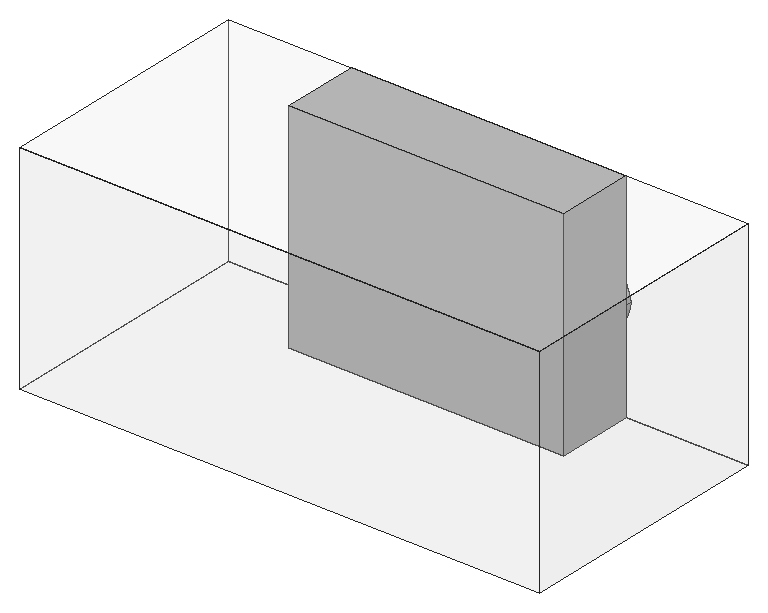
Revit family "scf-40_50lx_ls2_60Hz", category 機械設備, Revit 2019
Family settings
  丸型コネクタ寸法 = 直径を使用
  パーツ タイプ = 標準
  OmniClass 番号 = 23.75.10.34.21
  OmniClass タイトル = Heat Exchangers for Ventilation Air
  作業面ベース = いいえ
  常に垂直 = はい
  ロード時にボイドで切り取り = いいえ
  共有 = いいえ
  部屋計算ポイント = はい
Parameters (values of type "SCF-40LS2")
  騒音レベル(dB(A)) = 39.5
  風量 = 400.0 m³/h
  面風速 = 3.54 m/s
  電源種別 [instance] = "一般"
  電圧 = 100 V
  電動機出力 = 0 W
  集中コントローラ = ""
  運転質量 = 0.00 kg
  連動 [instance] = ""
  質量 = if(製品質量 > 運転質量, 製品質量, 運転質量) * 1.2  # 32.40 kg
  負荷分類 = 3_ファン類
  説明 = "学校用ロスナイ 床置形 スタンダードタイプ"
  設計風量 = 0.0 m³/h
  設置方法 = "床置形"
  記号 [instance] = ""
  製造元 = "三菱電機株式会社"
  製品質量 = 27.00 kg
  製品出荷対象 = "国内"
  製品リリース年月 = "2007/7/1"
  製品グループ = ""
  系統 [instance] = ""
  符号 = "HEU"
  積算_科目 = "1 空気調和設備"
  積算_拾い区分 [instance] = ""
  相 = 1
  盤記号 [instance] = ""
  発停方法 [instance] = "別売リモコン"
  特殊仕様 [instance] = ""
  火災停止 [instance] = ""
  温度交換効率 = 60.00%
  消費電力 = 149 W
  法定耐用年数 = "15"
  機外静圧_排気 = 40.0 Pa
  機外静圧 = 40.0 Pa
  極数 = 2
  材質 [instance] = ""
  本体マテリアル = none
  操作・制御方式 = ""
  操作・制御スイッチ = ""
  排気量 = 0.0 m³/h
  形式 = "床置形"
  幹線記号 [instance] = ""
  対象室 [instance] = ""
  実風量 = 0.0 m³/h
  始動方式 [instance] = "直入"
  外気量 = 0.0 m³/h
  呼称 = "全熱交換ユニット"
  周波数 = 60 Hz
  取付金具ピッチ1 = 845 mm
  取付金具_高さ = 580 mm
  参照している仕様書等のバージョン = ""
  初期抵抗 = 0.0 Pa
  分類コード = "50052504100050"
  分類グループ = ""
  価格 = 226000
  企業コード = "108420"
  付属品_フィルター_還気 = ""
  付属品_フィルター = ""
  付属品 [instance] = ""
  仕様書バージョン = "Version1.0"
  モデル = "SCF-40LS2"
  メンテナンススペース = yes
  コメント [instance] = ""
  Keynote = ""
  エンタルピ交換効率_暖房 = 45.00%
  エンタルピ交換効率_冷房 = 40.00%
  Assembly Code = ""
  Width = 900 mm
  Version = ""
  Uniclass2015Version = "Systems v1.9"
  Uniclass2015Title = "Thermal wheels"
  Uniclass2015Code = "Pr_60_60_36_88"
  URL = "https://www.mitsubishielectric.co.jp/ldg/wink/ssl/displayProduct.do?pid=161516"
  SpecificationReference = ""
  SpecificationDescription = ""
  Duct_W = 300 mm
  SAサイズ_D = 0 mm
  Revision = ""
  RAサイズ_D = 0 mm
  ProductInformation = ""
  OmniClassCode = "23-27 23 19 11"
  OAサイズ_W = 0 mm
  OAサイズ_D = 192 mm
  MIN風量 = 200.0 m³/h
  MIN静圧 = 10.0 Pa
  MAX風量 = 400.0 m³/h
  MAX静圧 = 40.0 Pa
  IfcTypeProduct = ""
  IfcProduct = ""
  IfcExportType = "ROTARYWHEEL"
  IfcExportAs = "IfcAirToAirHeatRecoveryType"
  Height = 710 mm
  EAサイズ_W = 0 mm
  EAサイズ_D = 192 mm
  Duct_Pitch = 600 mm
  Duct_Height = 280 mm
  Duct_Depth = 85 mm
  Depth = 255 mm
  Clearance Top = 0 mm
  Clearance Left = 400 mm
  Clearance Right = 400 mm
  Clearance Front = 600 mm
  Clearance Bottom = 0 mm
  Author = "三菱電機株式会社"
Types (4, lengths in mm): name | 騒音レベル(dB(A)) | 風量 | 面風速 | 質量 | 説明 | 製品質量 | 製品リリース年月 | 温度交換効率 | 消費電力 | 機外静圧_排気 | 機外静圧 | 取付金具_高さ | 価格 | モデル | エンタルピ交換効率_暖房 | エンタルピ交換効率_冷房 | URL | Duct_W | MIN風量 | MIN静圧 | MAX風量 | MAX静圧 | Height | Depth
  SCF-40LX | 39.5 | 400.0 m³/h | 3.54 m/s | 33.60 kg | "学校用ロスナイ 床置形 フリープランタイプ" | 28.00 kg | "2019/3/1" | 60.00% | 149 W | 40.0 Pa | 40.0 Pa | 580 | 279000 | "SCF-40LX" | 45.00% | 40.00% | "https://www.mitsubishielectric.co.jp/ldg/wink/ssl/displayProduct.do?pid=297464" | 300 | 200.0 m³/h | 10.0 Pa | 400.0 m³/h | 40.0 Pa | 710 | 255
  SCF-50LX | 43 | 500.0 m³/h | 4.42 m/s | 44.40 kg | "学校用ロスナイ 床置形 フリープランタイプ" | 37.00 kg | "2019/3/1" | 61.00% | 220 W | 60.0 Pa | 60.0 Pa | 485 | 334000 | "SCF-50LX" | 48.00% | 43.00% | "https://www.mitsubishielectric.co.jp/ldg/wink/ssl/displayProduct.do?pid=297467" | 275 | 300.0 m³/h | 22.0 Pa | 500.0 m³/h | 60.0 Pa | 860 | 295
  SCF-40LS2 | 39.5 | 400.0 m³/h | 3.54 m/s | 32.40 kg | "学校用ロスナイ 床置形 スタンダードタイプ" | 27.00 kg | "2007/7/1" | 60.00% | 149 W | 40.0 Pa | 40.0 Pa | 580 | 226000 | "SCF-40LS2" | 45.00% | 40.00% | "https://www.mitsubishielectric.co.jp/ldg/wink/ssl/displayProduct.do?pid=161516" | 300 | 200.0 m³/h | 10.0 Pa | 400.0 m³/h | 40.0 Pa | 710 | 255
  SCF-50LS2 | 43 | 500.0 m³/h | 4.42 m/s | 42.00 kg | "学校用ロスナイ 床置形 スタンダードタイプ" | 35.00 kg | "2007/7/1" | 61.00% | 220 W | 60.0 Pa | 60.0 Pa | 485 | 281000 | "SCF-50LS2" | 48.00% | 43.00% | "https://www.mitsubishielectric.co.jp/ldg/wink/ssl/displayProduct.do?pid=161517" | 275 | 300.0 m³/h | 22.0 Pa | 500.0 m³/h | 60.0 Pa | 860 | 295
Reference planes
  plane 1 "中心(正面/背面)": y = 0
  plane 2: z = 0
  plane 3 "中心(左/右)": x = 0
  plane 4: x = -450
  plane 5: x = 450
  plane 6: y = -255
  plane 7: z = 710
  plane 8: z = 280
  plane 9: x = -300
  plane 10: x = 300
  plane 11: x = -850
  plane 12: x = -422.5
  plane 13: x = 422.5
  plane 14: y = 85
  plane 15: x = 850
  plane 16: z = 710
  plane 17: y = -127.5
  plane 18: z = 580
  plane 19: x = 422.5
  plane 20: x = -422.5
  plane 21: x = -422.5
  plane 22: x = 422.5
  plane 23: y = -855
  plane 24: z = 0
Forms (mm)
  Extrusion 1, solid, material <- "本体マテリアル", detail levels fine
    sketch origin (0, 0, 0) x (1, 0, 0) y (0, 1, 0)
      loop
        line (-450, 0) -> (-450, -255) -> (450, -255) -> (450, 0) -> (-450, 0)
    from 0 to 710
  Extrusion 2, solid, material <- "本体マテリアル", detail levels fine
    sketch origin (510, -445, 0) x (-1, 0, 0) y (0, 0, -1)
      loop
        circle (210, -280) r 96
    from -445 to -530
  Extrusion 3, solid, material <- "本体マテリアル", detail levels fine
    sketch origin (-510, -445, 0) x (1, 0, 0) y (0, 0, 1)
      loop
        circle (210, 280) r 96
    from -445 to -530
Lines and regions (mm)
  Masking region 1, detail levels coarse+medium
    outline origin (1326.5, 29, 0) x (1, 0, 0) y (0, 1, 0)
      loop
        line (-1776.5, -29) -> (-1776.5, -284) -> (-876.5, -284) -> (-876.5, -29) -> (-1776.5, -29)
  symbolic lines, detail levels coarse+medium
    curve 1: line (0, 0, 0) -> (-450, -127.5, 0)
    curve 2: line (-450, -127.5, 0) -> (0, -255, 0)
    curve 3: line (0, -255, 0) -> (450, -127.5, 0)
    curve 4: line (450, -127.5, 0) -> (0, 0, 0)
Dimensions and locks
  equal spacing: plane 4, plane 3 "中心(左/右)", plane 5
  "Width": plane 4 to plane 5
  "Duct_Pitch": plane 10 to plane 9
  "Clearance Left": plane 11 to plane 4
  "Clearance Right": plane 5 to plane 15
  "Duct_W": plane 10 to plane 3 "中心(左/右)"
  "Duct_Height": plane 8 to level
  "Height": plane 7 to level
  "Depth": plane 1 "中心(正面/背面)" to plane 6
  equal spacing: plane 1 "中心(正面/背面)", plane 17, plane 6
  "Duct_Depth": plane 1 "中心(正面/背面)" to plane 14
  "取付金具_高さ": level to plane 18
  equal spacing: plane 20, plane 3 "中心(左/右)", plane 19
  equal spacing: plane 21, plane 3 "中心(左/右)", plane 22
  "取付金具ピッチ1": plane 21 to plane 22
  "Clearance Front": plane 6 to plane 23
  "Clearance Top": plane 16 to plane 7
  "Clearance Bottom": level to plane 24
  "OAサイズ_D": diameter of Extrusion 2 sketch curve
  "EAサイズ_D": diameter of Extrusion 3 sketch curve
  aligned and locked: level to plane 2
  aligned and locked: Extrusion 1 to plane 7
  aligned and locked: Masking region 1 to plane 4
  aligned and locked: plane 5 to Masking region 1
  aligned and locked: Masking region 1 to plane 6
  aligned and locked: Extrusion 3 to plane 14
  aligned and locked: Extrusion 2 to Extrusion 3
  aligned and locked: Masking region 1 to plane 1 "中心(正面/背面)"
  aligned and locked: Extrusion 1 to plane 1 "中心(正面/背面)"
  aligned and locked: plane 1 "中心(正面/背面)" to Extrusion 2
  aligned and locked: plane 1 "中心(正面/背面)" to Extrusion 3
  aligned and locked: plane 15 to nested 1
  aligned and locked: plane 11 to nested 1
  aligned and locked: plane 1 "中心(正面/背面)" to nested 1
  aligned and locked: plane 9 to nested 2
  aligned and locked: plane 13 to nested 2
  aligned and locked: plane 1 "中心(正面/背面)" to nested 2
  aligned and locked: nested 2 to plane 1 "中心(正面/背面)"
  aligned and locked: nested 1 to plane 23
  aligned and locked: plane 16 to nested 1
  aligned and locked: nested 1 to plane 24
Automatic sketch dimensions
  Extrusion 1 sketch curve to plane 4 = 0 mm
  Extrusion 1 sketch curve to plane 5 = 0 mm
  Extrusion 1 sketch curve to plane 6 = 0 mm
  Extrusion 2 sketch curve to plane 8 = 0 mm
  Extrusion 2 sketch curve to plane 10 = 0 mm
  Masking region 1 sketch curve to plane 4 = 0 mm
  Masking region 1 sketch curve to plane 5 = 0 mm
  Masking region 1 sketch curve to plane 6 = 0 mm
  Extrusion 3 sketch curve to plane 8 = 0 mm
  Extrusion 3 sketch curve to plane 9 = 0 mm
  curve 1 to plane 4 = 0 mm
  curve 2 to plane 3 "中心(左/右)" = 0 mm
  plane 1 "中心(正面/背面)" to curve 4 = 0 mm
  curve 4 to plane 3 "中心(左/右)" = 0 mm
  curve 4 to plane 5 = 0 mm
  curve 2 to plane 6 = 0 mm
  curve 2 to plane 17 = 0 mm
  curve 3 to plane 17 = 0 mm
  plane 1 "中心(正面/背面)" to Extrusion 1 sketch curve = 0 mm
  plane 1 "中心(正面/背面)" to Masking region 1 sketch curve = 0 mm
Nested families
  nested 1: "メンテナンススペース" at (0, -427.5, 355), visible <- "メンテナンススペース", type "メンテナンススペース"
    with Width 1700 mm, Height 710 mm, Depth 855 mm
  nested 2: "固定点" at (-300, 0, 0), type "固定点"
    with W 722.5 mm, D 0 mm
Connectors
  hvac at (300, 85, 280), driven by "OAサイズ_D", driven by "機外静圧", driven by "風量"
    settings: on Extrusion 2, index 2, duct flow 400.0 m³/h, flow factor 0, pres drop 40.0 Pa, loss coef 0, conn angle 0.00°, conn width 304.8 mm, conn height 304.8 mm, conn diameter 192 mm, duct sys type 4, conn prof type 0, flow config 0, flow direction 1, loss method 4, conn ref index -1, conn util no, is conn primary yes, conn desc ""
  hvac at (-300, 85, 280), driven by "EAサイズ_D", driven by "風量", driven by "機外静圧"
    settings: on Extrusion 3, index 10, duct flow 400.0 m³/h, flow factor 0, pres drop 40.0 Pa, loss coef 0, conn angle 0.00°, conn width 304.8 mm, conn height 304.8 mm, conn diameter 192 mm, duct sys type 3, conn prof type 0, flow config 0, flow direction 2, loss method 4, conn ref index -1, conn util no, is conn primary no, conn desc ""
  electrical at (0, 0, 355), driven by "極数", driven by "負荷分類", driven by "電圧", driven by "消費電力"
    settings: on Extrusion 1, index 13, voltage 100 V, apparent load 149 VA, apparent load phase1 0 VA, apparent load phase2 0 VA, apparent load phase3 0 VA, power factor 1, load classification "3_ファン類", number of poles 2, system type 30, power factor state 1, is connector primary yes, connector utility no, sub classification motor no, connector description ""
Definition of nested family "メンテナンススペース"
  Parameters (values of type "メンテナンススペース")
    Width [instance] = 500 mm
    Height [instance] = 500 mm
    Depth [instance] = 500 mm
  Reference planes
    plane 1 "中心(正面/背面)": y = 0
    plane 2: z = 0
    plane 3 "中心(左/右)": x = 0
    plane 4: y = -250
    plane 5: x = 250
    plane 6: y = 250
    plane 7: x = -250
    plane 8: z = 250
    plane 9: z = -250
  Forms (mm)
    Extrusion 1, solid
      sketch origin (-638.939, 0, 72.39) x (1, 0, 0) y (0, 1, 0)
        loop
          line (388.939, 250) -> (388.939, -250) -> (888.939, -250) -> (888.939, 250) -> (388.939, 250)
      from -322.39 to 177.61
  Lines and regions (mm)
    symbolic lines
      curve 1: line (-250, 0, 250) -> (250, 0, 250)
      curve 2: line (-250, 0, -250) -> (-250, 0, 250)
      curve 3: line (250, 0, -250) -> (-250, 0, -250)
      curve 4: line (250, 0, 250) -> (250, 0, -250)
      curve 5: line (0, -250, 250) -> (0, 250, 250)
      curve 6: line (0, -250, -250) -> (0, -250, 250)
      curve 7: line (0, 250, -250) -> (0, -250, -250)
      curve 8: line (0, 250, 250) -> (0, 250, -250)
      curve 9: line (-250, 250, 0) -> (250, 250, 0)
      curve 10: line (-250, -250, 0) -> (-250, 250, 0)
      curve 11: line (250, -250, 0) -> (-250, -250, 0)
      curve 12: line (250, 250, 0) -> (250, -250, 0)
  Dimensions and locks
    equal spacing: plane 7, plane 3 "中心(左/右)", plane 5
    equal spacing: plane 4, plane 1 "中心(正面/背面)", plane 6
    "Depth": plane 4 to plane 6
    "Width": plane 7 to plane 5
    equal spacing: plane 8, plane 2, plane 9
    "Height": plane 8 to plane 9
    aligned and locked: plane 9 to curve 3
    aligned and locked: plane 7 to curve 2
    aligned and locked: curve 4 to plane 5
    aligned and locked: plane 5 to Extrusion 1
    aligned and locked: Extrusion 1 to plane 7
    aligned and locked: Extrusion 1 to plane 9
    aligned and locked: plane 8 to Extrusion 1
    aligned and locked: plane 9 to curve 7
  Automatic sketch dimensions
    plane 4 to Extrusion 1 sketch curve = 0 mm
    Extrusion 1 sketch curve to plane 7 = 0 mm
    Extrusion 1 sketch curve to plane 5 = 0 mm
    plane 6 to Extrusion 1 sketch curve = 0 mm
    curve 2 to plane 8 = 0 mm
    plane 4 to curve 11 = 0 mm
    curve 11 to plane 7 = 0 mm
    curve 11 to plane 5 = 0 mm
    plane 6 to curve 10 = 0 mm
    curve 7 to plane 4 = 0 mm
    curve 7 to plane 6 = 0 mm
    curve 6 to plane 8 = 0 mm
Definition of nested family "固定点"
  Parameters (values of type "固定点")
    中心円 = 20 mm
    W [instance] = 1000 mm
    D [instance] = 1000 mm
  Reference planes
    plane 1 "中心(正面/背面)": y = 0
    plane 2: z = 0
    plane 3 "中心(左/右)": x = 0
    plane 4: x = 1000
    plane 5: y = 1000
  Lines and regions (mm)
    symbolic lines, detail levels fine
      curve 1: circle (0, 1000, 0) r 10 normal (0, 0, 1)
      curve 2: circle (0, 0, 0) r 10 normal (0, 0, 1)
      curve 3: circle (1000, 1000, 0) r 10 normal (0, 0, 1)
      curve 4: circle (1000, 0, 0) r 10 normal (0, 0, 1)
      curve 5: line (-200, 1000, 0) -> (1200, 1000, 0)
      curve 6: line (-200, 0, 0) -> (1200, 0, 0)
      curve 7: line (0, 1200, 0) -> (0, -200, 0)
      curve 8: line (1000, 1200, 0) -> (1000, -200, 0)
  Dimensions and locks
    "W": plane 3 "中心(左/右)" to plane 4
    "D": plane 1 "中心(正面/背面)" to plane 5
    "中心円": diameter of curve 1
    "中心円": diameter of curve 2
    "中心円": diameter of curve 3
    "中心円": diameter of curve 4
    aligned and locked: level to plane 2
    aligned and locked: plane 5 to curve 1
    aligned and locked: plane 3 "中心(左/右)" to curve 1
    aligned and locked: plane 3 "中心(左/右)" to curve 2
    aligned and locked: plane 1 "中心(正面/背面)" to curve 2
    aligned and locked: plane 4 to curve 3
    aligned and locked: plane 5 to curve 3
    aligned and locked: plane 1 "中心(正面/背面)" to curve 4
    aligned and locked: plane 4 to curve 4
    aligned and locked: plane 1 "中心(正面/背面)" to curve 6
    aligned and locked: curve 7 to plane 3 "中心(左/右)"
    aligned and locked: curve 8 to plane 4
  Automatic sketch dimensions
    curve 5 to plane 5 = 0 mm
    curve 6 to plane 3 "中心(左/右)" = 200 mm
    curve 5 to plane 3 "中心(左/右)" = 200 mm
    curve 4 to curve 6 = 200 mm
    curve 3 to curve 5 = 200 mm
    plane 1 "中心(正面/背面)" to curve 8 = 200 mm
    plane 1 "中心(正面/背面)" to curve 7 = 200 mm
    curve 3 to curve 8 = 200 mm
    curve 1 to curve 7 = 200 mm
